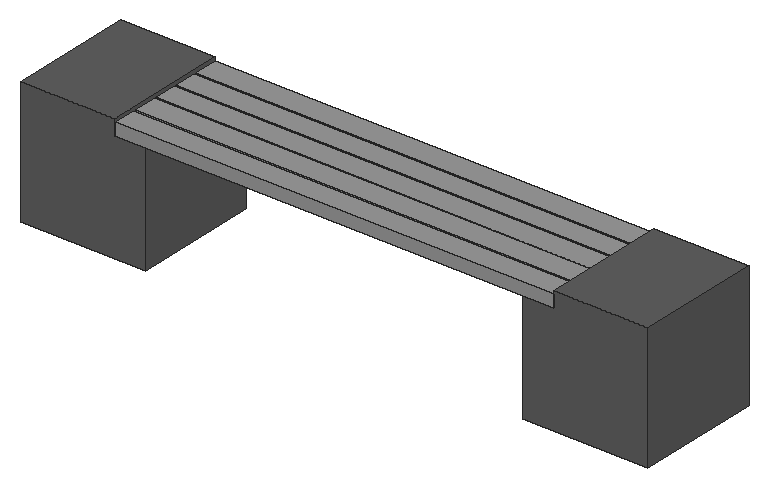
Revit family "skamya_bridg", category Антураж, Revit 2017
Family settings
  На основе рабочей плоскости = Нет
  Всегда вертикально = Да
  При загрузке вырезать с полостями = Нет
  Источник визуального образа = Геометрия семейства
  Общий = Нет
  Точка расчета площади = Нет
Parameters (values of type ""Бридж" Черный шелк")
  Ширина = 400 mm
  Обозначение = ""
  Материал настила = Настил
  Производитель = "ГК Очаковский комбинат ЖБИ"  # constant formula
  Позиция = ""
  Поверхность = ""
  Площадь [instance] = 2.112 m²
  Описание изделия [instance] = "Основательные ножки скамьи «Бридж», имеющие форму куба, создают ощущение монументальности и одновременно предоставляют возможность превратить скамью из утилитарного предмета в архитектурный элемент"
  Объем бетона = 0.104 m³
  Наименование = "Скамья \"Бридж\""
  Морозостойкость [instance] = "F150"
  Материал = Очаковский_Черный_шелк
  Масса [instance] = 260.00 kg
  Класс бетона [instance] = "В30"
  Защитное покрытие [instance] = 1.792
  Длина = 2000 mm
  Высота сиденья [instance] = 400 mm
  Watermarked By = ""
  Высота = 400 mm
  Водонепроницаемость [instance] = "W8"
  URL = "http://file-system.ru/catalog/blagoustroystvo/sadovo_parkovaya_mebel/spm_skameyki/bridzh_skamya/"
Types (8, lengths in mm): name | Материал | URL
  (no name) | Очаковский_Черный_шелк | "http://file-system.ru/catalog/blagoustroystvo/sadovo_parkovaya_mebel/spm_skameyki/bridzh_skamya/"
  "Бридж" Белый шелк | Очаковский_Белый_Шелк | 0
  "Бридж" Крымский берег | Очаковский_Крымский_берег | 0
  "Бридж" Морская соль | Очаковский_Морская_соль | 0
  "Бридж" Московский гравий | Очаковский_Московский_гравий | 0
  "Бридж" Черный шелк | Очаковский_Черный_шелк | "http://file-system.ru/catalog/blagoustroystvo/sadovo_parkovaya_mebel/spm_skameyki/bridzh_skamya/"
  "Бридж" Черный глянец | Очаковский_Черный_глянец | 0
  "Бридж" Шахматка | Очаковский_Шахматка | 0
Reference planes
  plane 1 "По центру (Вперед/Назад)": y = 0
  plane 2: z = 0
  plane 3 "По центру (Влево/Вправо)": x = 0
  plane 4: z = 400
  plane 5: x = -1000
  plane 6: x = 1000
  plane 7: y = -200
  plane 8: y = 200
  plane 9: z = 350
  plane 10: x = 600
  plane 11: y = 160
  plane 12: y = -160
  plane 13: x = -600
  plane 14: z = 400
  plane 15: x = -675.333
  plane 16: x = -625.333
  plane 17: y = 240
  plane 18: x = 675.333
  plane 19: x = 625.333
Forms (mm)
  Extrusion 1, solid, material "Очаковский_Черный_шелк" <- "Материал", detail levels medium+fine
    sketch origin (0, 0, 0) x (1, 0, 0) y (0, 1, 0)
      loop
        line (600, 200) -> (600, -200) -> (1000, -200) -> (1000, 200) -> (600, 200)
    from 0 to 400
  Extrusion 2, void
    sketch origin (600, 210, 1200) x (0, -1, 0) y (0, 0, 1)
      loop
        line (10, -800) -> (10, -850) -> (410, -850) -> (410, -800) -> (10, -800)
    from 0 to -100
  Extrusion 3, solid, material "Очаковский_Черный_шелк" <- "Материал", detail levels medium+fine
    sketch origin (0, 0, 0) x (-1, 0, 0) y (0, -1, 0)
      loop
        line (600, -200) -> (1000, -200) -> (1000, 200) -> (600, 200) -> (600, -200)
    from 0 to 400
  Extrusion 4, void
    sketch origin (-570, 210, 1200) x (0, -1, 0) y (0, 0, -1)
      loop
        line (10, 800) -> (410, 800) -> (410, 850) -> (10, 850) -> (10, 800)
    from 0 to -130
  Extrusion 5, solid, material "Настил" <- "Материал настила", detail levels medium+fine
    sketch origin (700, 210, 1200) x (0, -1, 0) y (0, 0, 1)
      loop
        line (335, -810) -> (335, -850) -> (410, -850) -> (410, -810) -> (335, -810)
      loop
        line (255, -810) -> (255, -850) -> (330, -850) -> (330, -810) -> (255, -810)
      loop
        line (175, -810) -> (175, -850) -> (250, -850) -> (250, -810) -> (175, -810)
      loop
        line (95, -810) -> (95, -850) -> (170, -850) -> (170, -810) -> (95, -810)
      loop
        line (10, -810) -> (10, -850) -> (90, -850) -> (90, -810) -> (10, -810)
    from 0 to 1400
Cuts and joins
  Extrusion 2, Extrusion 4 cuts Extrusion 1
  Extrusion 4 cuts Extrusion 3
Dimensions and locks
  "Высота сиденья": plane 4 to plane 2
  equal spacing: plane 8, plane 1 "По центру (Вперед/Назад)", plane 7
  "Ширина": plane 8 to plane 7
  equal spacing: plane 5, plane 3 "По центру (Влево/Вправо)", plane 6
  "Длина": plane 5 to plane 6
  plane 9 to plane 4 = 50 mm
  "Высота": plane 14 to plane 2
  locked: plane 16 to plane 13 at 25.333
  locked: Extrusion 5 to plane 15 at 24.667
  locked: plane 18 to Extrusion 5 at 24.667
  locked: plane 10 to plane 19 at 25.333
  aligned and locked: level to plane 2
  aligned and locked: plane 9 to Extrusion 2 sketch curve
  aligned and locked: plane 4 to Extrusion 2 sketch curve
  aligned and locked: plane 7 to Extrusion 2 sketch curve
  aligned and locked: plane 8 to Extrusion 2 sketch curve
  aligned and locked: plane 13 to cut or joined group of Extrusion 3, Extrusion 4
  aligned and locked: Extrusion 5 to cut or joined group of Extrusion 3, Extrusion 4
  aligned and locked: Extrusion 3 sketch curve to plane 5
  aligned and locked: Extrusion 1 sketch curve to plane 6
  aligned and locked: plane 3 "По центру (Влево/Вправо)" to nested 1
  aligned and locked: plane 1 "По центру (Вперед/Назад)" to nested 1
Automatic sketch dimensions
  Extrusion 3 sketch curve to plane 13 = 0 mm
  Extrusion 3 sketch curve to plane 8 = 0 mm
  Extrusion 3 sketch curve to plane 7 = 0 mm
  Extrusion 1 sketch curve to plane 7 = 0 mm
  Extrusion 1 sketch curve to plane 10 = 0 mm
  Extrusion 1 sketch curve to plane 8 = 0 mm
  Extrusion 4 sketch curve to plane 8 = 0 mm
  Extrusion 4 sketch curve to plane 7 = 0 mm
  plane 4 to Extrusion 4 sketch curve = 0 mm
  plane 9 to Extrusion 4 sketch curve = 0 mm
  Extrusion 5 sketch curve to Extrusion 2 = 0 mm  (x2)
  Extrusion 2 to Extrusion 5 sketch curve = 0 mm  (x5)
  Extrusion 5 sketch curve to Extrusion 2 = 10 mm  (x5)
  Extrusion 5 sketch curve to Extrusion 5 sketch curve = 5 mm  (x4)
  Extrusion 5 sketch curve to Extrusion 5 sketch curve = 75 mm  (x3)
  Extrusion 5 sketch curve to Extrusion 5 sketch curve = 80 mm
Nested families
  nested 1: "Скамья низкая дет" at (0, 0, 0), Высота <- "Высота", Длина <- "Длина", Ширина <- "Ширина", type "Скамья низкая дет"
    with Ширина 400 mm, Длина 2000 mm, Высота 400 mm
Definition of nested family "Скамья низкая дет"
  Parameters (values of type "Скамья низкая дет")
    Ширина [instance] = 1000 mm
    Длина [instance] = 2800 mm
    Высота [instance] = 1096.843 mm
    Watermarked By = ""
    Type Comments = "﻿﻿                            ​     ​     ​         ​   ​     ​           ​  ​ ​   ​ ​   ​﻿            ​ ​ ​         ​﻿   ​​            ﻿ ​           ​         ​     ﻿﻿"
    Keynote = "﻿﻿                            ​     ​     ​         ​   ​     ​           ​  ​ ​   ​ ​   ​﻿            ​ ​ ​         ​﻿   ​​            ﻿ ​           ​         ​     ﻿﻿"
    Description = "﻿﻿                            ​     ​     ​         ​   ​     ​           ​  ​ ​   ​ ​   ​﻿            ​ ​ ​         ​﻿   ​​            ﻿ ​           ​         ​     ﻿﻿"
    Assembly Code = "﻿﻿                            ​     ​     ​         ​   ​     ​           ​  ​ ​   ​ ​   ​﻿            ​ ​ ​         ​﻿   ​​            ﻿ ​           ​         ​     ﻿﻿"
  Reference planes
    plane 1 "По центру (Вперед/Назад)": y = 0
    plane 2: z = 0
    plane 3 "По центру (Влево/Вправо)": x = 0
    plane 4: x = -1400
    plane 5: x = 1400
    plane 6: y = -500
    plane 7: y = 500
    plane 8: z = 1096.843
  Forms (mm)
    Extrusion 1, solid, detail levels coarse
      sketch origin (0, 0, 0) x (1, 0, 0) y (0, 1, 0)
        loop
          line (-1400, 500) -> (-1400, -500) -> (1400, -500) -> (1400, 500) -> (-1400, 500)
      from 0 to 1096.843
  Dimensions and locks
    equal spacing: plane 6, plane 1 "По центру (Вперед/Назад)", plane 7
    "Ширина": plane 6 to plane 7
    equal spacing: plane 4, plane 3 "По центру (Влево/Вправо)", plane 5
    "Длина": plane 4 to plane 5
    "Высота": plane 8 to level
    aligned and locked: level to plane 2
    aligned and locked: Extrusion 1 sketch curve to plane 5
    aligned and locked: Extrusion 1 sketch curve to plane 7
    aligned and locked: Extrusion 1 sketch curve to plane 6
    aligned and locked: Extrusion 1 sketch curve to plane 4
    aligned and locked: plane 8 to Extrusion 1
  Automatic sketch dimensions
    Extrusion 1 sketch curve to plane 5 = 0 mm
